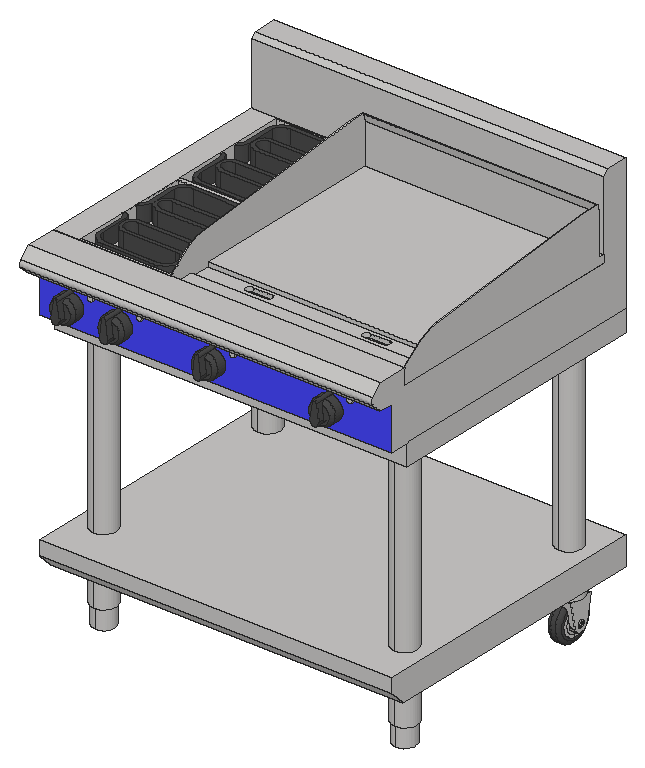
Revit family "QF_MOFFAT_BLUESEAL_CE_E516B-LS", category Specialty Equipment, Revit 2012
Parameters
  Width = 900 mm
  Weight in Pounds = 198  # constant formula
  Watts = 11600 W
  Volts = 400 V
  URL Cutsheet = "www.moffat.com"
  URL = "www.moffat.com"
  Type Mark [instance] = ""
  Status [instance] = ""
  Specification by User [instance] = ""
  Specification by Manufacturer = ""
  Show Logo [instance] = no
  Show Casters [instance] = yes
  Serial Number = ""
  Seismic Rating = ""
  SMACNA No = ""
  Revision Code [instance] = ""
  Phase = 3
  Omniclass Number and Title = ""
  Number of Poles = 1
  NAFEM Spec ID Number = ""
  Model = "E516B-LS"
  Min Ckt Ampacity = 0 A
  Max Overcurrent Protection = 0 A
  Masterspec = ""
  Manufacturer = "MOFFAT BLUESEAL"
  Legs [instance] = not(Show Casters)  # no
  Item Number [instance] = ""
  Installed By [instance] = ""
  Identify Quantity as Lot [instance] = yes
  HP = ""
  Furnished By [instance] = ""
  Foodservice Equipment Identifier [instance] = yes
  FL Amps = 20 A
  Electrical Remarks = "20A PER PHASE"
  Elec Conn RI Height = 0 mm
  Elec Conn Connection Height = 0 mm
  Description = "900MM ELECTRIC COOK TOP & GRIDDLE ON LEG STAND"
  Depth = 812 mm
  Cycle = 50 Hz
  Conn Plug = ""
  Conn Conduit = yes
  CSI MasterFormat = ""
  CSI Master Format = ""
  Base Height [instance] = 150 mm
  Apparent Power = if(Phase = 3, Volts * FL Amps * 1.73, Volts * FL Amps)  # 13840 VA
Reference planes
  plane 1 "BACK": y = 0
  plane 2: z = 0
  plane 3 "LEFT": x = 0
  plane 4 "RIGHT": x = 900
  plane 5 "FRONT": y = -812
  plane 6 "TOP": z = 970
  plane 7 "Center Y": x = 450
  plane 8 "Center X": y = -406
  plane 9 "Base Height": z = 150
  plane 10: z = 915
  plane 11: y = -31
  plane 12: x = 770
  plane 13: z = 1085
  plane 14: x = 65.354
  plane 15: y = -625
  plane 16: y = -100
  plane 17: x = 834.646
Forms (mm)
  Extrusion 1, solid, material "QF_Finishes_Stainless Steel"
    sketch origin (0, 0, 0) x (0, 1, 0) y (0, 0, 1)
      loop
        line (-749, 850) -> (-749, 740) -> (0, 740) -> (0, 1085) -> (-57.5, 1085) -> (-70, 1072.5) -> (-70, 875) -> (-705, 875) -> (-705, 915) -> (-783.97, 915) -> (-808.485, 890.485)
        arc (-808.485, 890.485) -> (-811.999, 882) -> (-808.485, 873.515) r 12
        line (-808.485, 873.515) -> (-784.97, 850) -> (-749, 850)
      loop
        line (0, 685) -> (0, 739.5) -> (-699, 739.5) -> (-699, 685) -> (0, 685)
      loop
        line (0, 222.5) -> (-749, 222.5) -> (-749, 186) -> (-713, 150) -> (0, 150) -> (0, 222.5)
    from 0 to 900
  Revolve 2, solid, material "QF_Finishes_Black"
    sketch origin (87.5, 7, 597.89) x (0, 1, 0) y (0, 0, -1)
      loop
        line (-789, -229.5) -> (-766, -229.5) -> (-766, -202) -> (-756, -202) -> (-756, -197) -> (-800, -197) -> (-800, -223.651) -> (-789, -229.5)
      axis (-800, -197) -> (-756, -197)
    angle from 0 to 360
  Extrusion 3, solid, material "QF_Finishes_Black"
    sketch origin (87.5, -759, 794.89) x (0, 0, 1) y (1, 0, 0)
      loop
        arc (32.192, -4.965) -> (37.079, 0.034) -> (32.192, 5.033) r 5
        line (32.192, 5.033) -> (-10.726, 10.453)
        arc (-10.726, 10.453) -> (-22.392, 0.618) -> (-11.893, -10.454) r 10.487
        line (-11.893, -10.454) -> (32.192, -4.965)
    from 0 to -49
  Extrusion 4, solid, material "QF_Finishes_Stainless Steel"
    sketch origin (0, 0, 222.5) x (0, -1, 0) y (1, 0, 0)
      loop
        circle (100, 65) r 31.75
      loop
        circle (625, 65) r 31.75
      loop
        circle (100, 835) r 31.75
      loop
        circle (625, 835) r 31.75
    from 0 to 462.5
  Revolve 5, solid, material "QF_Finishes_Stainless Steel", visible <- "Legs"
    sketch origin (65.5, -166, 0) x (0, 1, 0) y (0, 0, 1)
      loop
        line (34.25, 150) -> (34.25, 50) -> (38.5, 50) -> (38.5, 0) -> (66, 0) -> (66, 150) -> (34.25, 150)
      axis (66, 150) -> (66, 0)
    angle from 0 to 360
  Revolve 6, solid, material "QF_Finishes_Stainless Steel"
    sketch origin (65.5, -735, 0) x (0, 1, 0) y (0, 0, 1)
      loop
        line (78.25, 150) -> (78.25, 50) -> (82.5, 50) -> (82.5, 0) -> (110, 0) -> (110, 150) -> (78.25, 150)
      axis (110, 150) -> (110, 0)
    angle from 0 to 360
  Revolve 7, solid, material "QF_Finishes_Stainless Steel", visible <- "Legs"
    sketch origin (834.646, -166, -0.354) x (0, 1, 0) y (0, 0, -1)
      loop
        line (34.25, -150) -> (66, -150) -> (66, -0.354) -> (38.5, -0.354) -> (38.5, -50) -> (34.25, -50) -> (34.25, -150)
      axis (66, -150) -> (66, -0.354)
    angle from 0 to 360
  Revolve 8, solid, material "QF_Finishes_Stainless Steel"
    sketch origin (834.646, -728, -0.354) x (0, 1, 0) y (0, 0, -1)
      loop
        line (71.25, -150) -> (103, -150) -> (103, -0.354) -> (75.5, -0.354) -> (75.5, -50) -> (71.25, -50) -> (71.25, -150)
      axis (103, -150) -> (103, -0.354)
    angle from 0 to 360
  Extrusion 9, void
    sketch origin (0, -699, 740) x (0, -1, 0) y (1, 0, 0)
      loop
        circle (-668, 770) r 6.35
    from 0 to -62.281
  Revolve 10, solid, material "QF_Finishes_Black"
    sketch origin (450, 7, 597.89) x (0, 1, 0) y (0, 0, -1)
      loop
        line (-789, -229.5) -> (-766, -229.5) -> (-766, -202) -> (-756, -202) -> (-756, -197) -> (-800, -197) -> (-800, -223.651) -> (-789, -229.5)
      axis (-800, -197) -> (-756, -197)
    angle from 0 to 360
  Extrusion 11, solid, material "QF_Finishes_Black"
    sketch origin (450, -759, 794.89) x (0, 0, 1) y (1, 0, 0)
      loop
        arc (32.192, -4.965) -> (37.079, 0.034) -> (32.192, 5.033) r 5
        line (32.192, 5.033) -> (-10.726, 10.453)
        arc (-10.726, 10.453) -> (-22.392, 0.618) -> (-11.893, -10.454) r 10.487
        line (-11.893, -10.454) -> (32.192, -4.965)
    from 0 to -49
  Extrusion 12, solid, material "QF_Finishes_Stainless Steel"
    sketch origin (0, -749, 850) x (0, 0, -1) y (1, 0, 0)
      loop
        circle (25.11, 132.5) r 7.15
      loop
        circle (25.11, 257.5) r 7.15
      loop
        circle (25.11, 495.734) r 7.15
      loop
        circle (25.11, 795.734) r 7.15
    from 0 to 3.2
  Revolve 13, solid, material "QF_Finishes_Stainless Steel", visible <- "Show Casters"
    sketch origin (16.276, -100.755, -12.8) x (1, 0, 0) y (0, 0, 1)
      loop
        line (14.841, 63.604) -> (83.584, 63.604) -> (83.584, 67.109) -> (82.314, 68.379) -> (80.79, 68.379) -> (80.79, 71.826) -> (68.644, 71.826) -> (68.644, 81.79) -> (65.088, 83.843) -> (63.738, 92.179) -> (65.881, 92.179) -> (65.881, 98.529) -> (65.088, 98.529) -> (65.088, 104.879)
        arc (65.088, 104.879) -> (62.298, 111.614) -> (55.563, 114.404) r 9.525
        line (55.563, 114.404) -> (42.863, 114.404)
        arc (42.863, 114.404) -> (36.127, 111.614) -> (33.338, 104.879) r 9.525
        line (33.338, 104.879) -> (33.338, 98.529) -> (32.544, 98.529) -> (32.544, 92.179) -> (34.687, 92.179) -> (33.352, 83.932) -> (29.782, 81.871) -> (29.782, 71.826) -> (17.635, 71.826) -> (17.635, 68.379) -> (16.111, 68.379) -> (14.841, 67.109) -> (14.841, 63.604)
      axis (14.841, 63.604) -> (83.584, 63.604)
    angle from 0 to 360
  Extrusion 14, solid, material "QF_Finishes_Stainless Steel", visible <- "Show Casters"
    sketch origin (72.001, 132.353, -8.783) x (0, 1, 0) y (0, 0, 1)
      loop
        line (-200.603, 118.783) -> (-264.103, 118.783) -> (-251.746, 53.895)
        arc (-251.746, 53.895) -> (-232.353, 38.783) -> (-212.959, 53.895) r 20
        line (-212.959, 53.895) -> (-200.603, 118.783)
    from -35.667 to 22.923
  Revolve 15, solid, material "QF_Finishes_Stainless Steel", visible <- "Show Casters"
    sketch origin (65.5, -204, 0) x (0, 1, 0) y (0, 0, 1)
      loop
        line (68.25, 150) -> (68.25, 110) -> (104, 110) -> (104, 150) -> (68.25, 150)
      axis (104, 150) -> (104, 110)
    angle from 0 to 360
  Revolve 16, solid, material "QF_Finishes_Stainless Steel", visible <- "Legs"
    sketch origin (65.5, -166, 0) x (0, 1, 0) y (0, 0, 1)
      loop
        line (34.25, 150) -> (34.25, 50) -> (38.5, 50) -> (38.5, 0) -> (66, 0) -> (66, 150) -> (34.25, 150)
      axis (66, 150) -> (66, 0)
    angle from 0 to 360
  Revolve 17, solid, material "QF_Finishes_Stainless Steel", visible <- "Show Casters"
    sketch origin (485.423, -100.755, -12.798) x (1, 0, 0) y (0, 0, 1)
      loop
        line (314.841, 63.604) -> (383.584, 63.604) -> (383.584, 67.109) -> (382.314, 68.379) -> (380.79, 68.379) -> (380.79, 71.826) -> (368.644, 71.826) -> (368.644, 81.79) -> (365.088, 83.843) -> (363.738, 92.179) -> (365.881, 92.179) -> (365.881, 98.529) -> (365.088, 98.529) -> (365.088, 104.879)
        arc (365.088, 104.879) -> (362.298, 111.614) -> (355.563, 114.404) r 9.525
        line (355.563, 114.404) -> (342.863, 114.404)
        arc (342.863, 114.404) -> (336.127, 111.614) -> (333.338, 104.879) r 9.525
        line (333.338, 104.879) -> (333.338, 98.529) -> (332.544, 98.529) -> (332.544, 92.179) -> (334.687, 92.179) -> (333.352, 83.932) -> (329.782, 81.871) -> (329.782, 71.826) -> (317.635, 71.826) -> (317.635, 68.379) -> (316.111, 68.379) -> (314.841, 67.109) -> (314.841, 63.604)
      axis (314.841, 63.604) -> (383.584, 63.604)
    angle from 0 to 360
  Extrusion 18, solid, material "QF_Finishes_Stainless Steel", visible <- "Show Casters"
    sketch origin (841.147, 132.353, -9.137) x (0, 1, 0) y (0, 0, 1)
      loop
        line (-200.603, 118.783) -> (-264.103, 118.783) -> (-251.746, 53.895)
        arc (-251.746, 53.895) -> (-232.353, 38.783) -> (-212.959, 53.895) r 20
        line (-212.959, 53.895) -> (-200.603, 118.783)
    from -35.667 to 22.923
  Revolve 19, solid, material "QF_Finishes_Stainless Steel", visible <- "Show Casters"
    sketch origin (834.646, -204, -0.354) x (0, 1, 0) y (0, 0, 1)
      loop
        line (68.25, 150) -> (68.25, 110) -> (104, 110) -> (104, 150) -> (68.25, 150)
      axis (104, 150) -> (104, 110)
    angle from 0 to 360
  Revolve 20, solid, material "QF_Finishes_Black"
    sketch origin (211.766, 7, 597.89) x (0, 1, 0) y (0, 0, -1)
      loop
        line (-789, -229.5) -> (-766, -229.5) -> (-766, -202) -> (-756, -202) -> (-756, -197) -> (-800, -197) -> (-800, -223.651) -> (-789, -229.5)
      axis (-800, -197) -> (-756, -197)
    angle from 0 to 360
  Extrusion 21, solid, material "QF_Finishes_Black"
    sketch origin (211.766, -759, 794.89) x (0, 0, 1) y (1, 0, 0)
      loop
        arc (32.192, -4.965) -> (37.079, 0.034) -> (32.192, 5.033) r 5
        line (32.192, 5.033) -> (-10.726, 10.453)
        arc (-10.726, 10.453) -> (-22.392, 0.618) -> (-11.893, -10.454) r 10.487
        line (-11.893, -10.454) -> (32.192, -4.965)
    from 0 to -49
  Revolve 22, solid, material "QF_Finishes_Black"
    sketch origin (750, 7, 597.89) x (0, 1, 0) y (0, 0, -1)
      loop
        line (-789, -229.5) -> (-766, -229.5) -> (-766, -202) -> (-756, -202) -> (-756, -197) -> (-800, -197) -> (-800, -223.651) -> (-789, -229.5)
      axis (-800, -197) -> (-756, -197)
    angle from 0 to 360
  Extrusion 23, solid, material "QF_Finishes_Black"
    sketch origin (750, -759, 794.89) x (0, 0, 1) y (1, 0, 0)
      loop
        arc (32.192, -4.965) -> (37.079, 0.034) -> (32.192, 5.033) r 5
        line (32.192, 5.033) -> (-10.726, 10.453)
        arc (-10.726, 10.453) -> (-22.392, 0.618) -> (-11.893, -10.454) r 10.487
        line (-11.893, -10.454) -> (32.192, -4.965)
    from 0 to -49
Cuts and joins
  Extrusion 9 cuts Extrusion 1
Lines and regions (mm)
  Split face 1
    outline origin (900, 0, 1085) x (-1, 0, 0) y (0, -1, 0)
      loop
        arc (856, 18.385) -> (864.66, 23.385) -> (864.66, 33.385) r 10
        line (864.66, 33.385) -> (860.619, 40.385)
        arc (860.619, 40.385) -> (856.959, 44.045) -> (851.959, 45.385) r 10
        line (851.959, 45.385) -> (624, 45.385)
        arc (624, 45.385) -> (615.34, 40.385) -> (615.34, 30.385) r 10
        line (615.34, 30.385) -> (619.381, 23.385)
        arc (619.381, 23.385) -> (623.041, 19.725) -> (628.041, 18.385) r 10
        line (628.041, 18.385) -> (856, 18.385)
  Split face 2
    outline origin (900, 0, 1085) x (-1, 0, 0) y (0, -1, 0)
      loop
        arc (276, 18.385) -> (284.66, 23.385) -> (284.66, 33.385) r 10
        line (284.66, 33.385) -> (280.619, 40.385)
        arc (280.619, 40.385) -> (276.959, 44.045) -> (271.959, 45.385) r 10
        line (271.959, 45.385) -> (44, 45.385)
        arc (44, 45.385) -> (35.34, 40.385) -> (35.34, 30.385) r 10
        line (35.34, 30.385) -> (39.381, 23.385)
        arc (39.381, 23.385) -> (43.041, 19.725) -> (48.041, 18.385) r 10
        line (48.041, 18.385) -> (276, 18.385)
  Split face 3
    outline origin (900, 0, 1085) x (-1, 0, 0) y (0, -1, 0)
      loop
        arc (334, 45.385) -> (325.34, 40.385) -> (325.34, 30.385) r 10
        line (325.34, 30.385) -> (329.381, 23.385)
        arc (329.381, 23.385) -> (333.041, 19.725) -> (338.041, 18.385) r 10
        line (338.041, 18.385) -> (566, 18.385)
        arc (566, 18.385) -> (574.66, 23.385) -> (574.66, 33.385) r 10
        line (574.66, 33.385) -> (570.619, 40.385)
        arc (570.619, 40.385) -> (566.959, 44.045) -> (561.959, 45.385) r 10
        line (561.959, 45.385) -> (334, 45.385)
  symbolic lines, style "SpecialityEquipmentHiddenLines", visible <- "Show Casters"
    curve 1: line (78.456, -46.735, 0) -> (105.952, -62.61, 0)
    curve 2: line (27.656, -134.723, 0) -> (78.456, -46.735, 0)
    curve 3: line (55.152, -150.598, 0) -> (27.656, -134.723, 0)
    curve 4: line (105.952, -62.61, 0) -> (55.152, -150.598, 0)
    curve 5: line (848.456, -46.735, 0) -> (875.952, -62.61, 0)
    curve 6: line (797.656, -134.723, 0) -> (848.456, -46.735, 0)
    curve 7: line (825.152, -150.598, 0) -> (797.656, -134.723, 0)
    curve 8: line (875.952, -62.61, 0) -> (825.152, -150.598, 0)
  symbolic lines
    curve 9: line (0, -783.97, 0) -> (900, -783.97, 0)
    curve 10: line (0, 0, 0) -> (0, -811.999, 0)
    curve 11: line (900, -811.999, 0) -> (900, 0, 0)
    curve 12: line (900, -811.999, 0) -> (0, -811.999, 0)
    curve 13: line (0, -70, 0) -> (900, -70, 0)
    curve 14: line (0, -57.5, 0) -> (900, -57.5, 0)
    curve 15: line (900, 0, 0) -> (0, 0, 0)
    curve 16: line (561.959, -18.385, 0) -> (334, -18.385, 0)
    curve 17: arc (334, -18.385, 0) -> (325.34, -23.385, 0) -> (325.34, -33.385, 0) r 10
    curve 18: line (325.34, -33.385, 0) -> (329.381, -40.385, 0)
    curve 19: arc (329.381, -40.385, 0) -> (333.041, -44.045, 0) -> (338.041, -45.385, 0) r 10
    curve 20: line (338.041, -45.385, 0) -> (566, -45.385, 0)
    curve 21: arc (566, -45.385, 0) -> (574.66, -40.385, 0) -> (574.66, -30.385, 0) r 10
    curve 22: line (574.66, -30.385, 0) -> (570.619, -23.385, 0)
    curve 23: arc (570.619, -23.385, 0) -> (566.959, -19.725, 0) -> (561.959, -18.385, 0) r 10
    curve 24: line (851.959, -18.385, 0) -> (624, -18.385, 0)
    curve 25: arc (624, -18.385, 0) -> (615.34, -23.385, 0) -> (615.34, -33.385, 0) r 10
    curve 26: line (615.34, -33.385, 0) -> (619.381, -40.385, 0)
    curve 27: arc (619.381, -40.385, 0) -> (623.041, -44.045, 0) -> (628.041, -45.385, 0) r 10
    curve 28: line (628.041, -45.385, 0) -> (856, -45.385, 0)
    curve 29: arc (856, -45.385, 0) -> (864.66, -40.385, 0) -> (864.66, -30.385, 0) r 10
    curve 30: line (864.66, -30.385, 0) -> (860.619, -23.385, 0)
    curve 31: arc (860.619, -23.385, 0) -> (856.959, -19.725, 0) -> (851.959, -18.385, 0) r 10
    curve 32: line (271.959, -18.385, 0) -> (44, -18.385, 0)
    curve 33: arc (44, -18.385, 0) -> (35.34, -23.385, 0) -> (35.34, -33.385, 0) r 10
    curve 34: line (35.34, -33.385, 0) -> (39.381, -40.385, 0)
    curve 35: arc (39.381, -40.385, 0) -> (43.041, -44.045, 0) -> (48.041, -45.385, 0) r 10
    curve 36: line (48.041, -45.385, 0) -> (276, -45.385, 0)
    curve 37: arc (276, -45.385, 0) -> (284.66, -40.385, 0) -> (284.66, -30.385, 0) r 10
    curve 38: line (284.66, -30.385, 0) -> (280.619, -23.385, 0)
    curve 39: arc (280.619, -23.385, 0) -> (276.959, -19.725, 0) -> (271.959, -18.385, 0) r 10
    curve 40: line (0, -705, 0) -> (900, -705, 0)
Dimensions and locks
  equal spacing: plane 3 "LEFT", plane 7 "Center Y", plane 4 "RIGHT"
  "Width": plane 3 "LEFT" to plane 4 "RIGHT"
  equal spacing: plane 5 "FRONT", plane 8 "Center X", plane 1 "BACK"
  "Depth": plane 5 "FRONT" to plane 1 "BACK"
  equal spacing: plane 4 "RIGHT", plane 7 "Center Y", plane 3 "LEFT"
  plane 4 "RIGHT" to plane 3 "LEFT" = 900 mm
  plane 5 "FRONT" to plane 1 "BACK" = 812 mm
  "Base Height": plane 9 "Base Height" to level
  plane 6 "TOP" to level = 970 mm
  plane 10 to level = 915 mm
  plane 11 to plane 1 "BACK" = 31 mm
  plane 12 to plane 4 "RIGHT" = 130 mm
  plane 13 to plane 2 = 1085 mm
  Revolve 13 sketch curve to Revolve 13 sketch curve = 50.8 mm
  Revolve 17 sketch curve to Revolve 17 sketch curve = 50.8 mm
  plane 2 to cut or joined group of Extrusion 1, Extrusion 9 = 740 mm
  Extrusion 9 sketch curve to plane 1 "BACK" = 31 mm
  plane 16 to plane 15 = 525 mm
  aligned and locked: level to plane 2
  aligned and locked: Extrusion 4 to cut or joined group of Extrusion 1, Extrusion 9
  aligned and locked: cut or joined group of Extrusion 1, Extrusion 9 to plane 4 "RIGHT"
Automatic sketch dimensions
  plane 1 "BACK" to curve 15 = 0 mm
  curve 15 to plane 3 "LEFT" = 0 mm
  curve 9 to plane 4 "RIGHT" = 0 mm
  plane 3 "LEFT" to curve 2 = 27.656 mm
  plane 14 to curve 3 = 10.202 mm
  curve 2 to plane 14 = 13.102 mm
  plane 12 to curve 6 = 27.656 mm
  curve 8 to plane 17 = 9.494 mm
  plane 17 to curve 5 = 13.809 mm
  curve 5 to plane 11 = 15.735 mm
  curve 2 to plane 11 = 15.735 mm
  curve 14 to plane 11 = 26.5 mm
  curve 8 to curve 14 = 5.11 mm
  curve 4 to curve 1 = 15.875 mm
  curve 13 to curve 14 = 12.5 mm
  curve 9 to plane 5 "FRONT" = 28.03 mm
  curve 12 to plane 5 "FRONT" = 0.001 mm
  plane 10 to Extrusion 1 sketch curve = 0 mm
  Extrusion 1 sketch curve to plane 9 "Base Height" = 0 mm
  plane 13 to Extrusion 1 sketch curve = 0 mm
  Extrusion 1 sketch curve to plane 1 "BACK" = 0 mm  (x3)
  Extrusion 1 sketch curve to plane 11 = 26.5 mm
  plane 13 to Extrusion 1 sketch curve = 12.5 mm
  Extrusion 1 sketch curve to Extrusion 1 sketch curve = 12.5 mm
  plane 15 to Extrusion 1 sketch curve = 74 mm
  plane 15 to Extrusion 1 sketch curve = 80 mm
  plane 15 to Extrusion 1 sketch curve = 88 mm
  Extrusion 1 sketch curve to Extrusion 1 sketch curve = 44 mm
  Extrusion 1 sketch curve to Extrusion 1 sketch curve = 36 mm
  Extrusion 1 sketch curve to plane 5 "FRONT" = 28.03 mm
  Extrusion 1 sketch curve to plane 5 "FRONT" = 27.03 mm
  Extrusion 1 sketch curve to plane 5 "FRONT" = 12.001 mm
  Extrusion 1 sketch curve to plane 5 "FRONT" = 3.515 mm  (x2)
  plane 9 "Base Height" to Extrusion 1 sketch curve = 36 mm
  plane 9 "Base Height" to Extrusion 1 sketch curve = 72.5 mm
  plane 10 to Extrusion 1 sketch curve = 230 mm
  Extrusion 1 sketch curve to Extrusion 1 sketch curve = 54.5 mm
  Extrusion 1 sketch curve to Extrusion 1 sketch curve = 0.5 mm
  plane 10 to Extrusion 1 sketch curve = 65 mm
  Extrusion 1 sketch curve to Extrusion 1 sketch curve = 23.515 mm
  plane 10 to Extrusion 1 sketch curve = 40 mm
  Extrusion 1 sketch curve to Extrusion 1 sketch curve = 8.485 mm
  Revolve 2 sketch curve to plane 5 "FRONT" = 19 mm
  Revolve 2 sketch curve to Revolve 2 sketch curve = 0 mm  (x2)
  Revolve 2 sketch curve to Revolve 2 sketch curve = 11 mm
  Revolve 2 sketch curve to Revolve 2 sketch curve = 12.7 mm
  Revolve 2 sketch curve to Revolve 2 sketch curve = 23 mm
  Revolve 2 sketch curve to Revolve 2 sketch curve = 10 mm
  plane 10 to Revolve 2 sketch curve = 87.61 mm
  Revolve 2 sketch curve to Revolve 2 sketch curve = 5.849 mm
  Revolve 2 sketch curve to Revolve 2 sketch curve = 27.5 mm
  Revolve 2 sketch curve to Revolve 2 sketch curve = 5 mm
  Extrusion 3 sketch curve to Revolve 2 = 0.034 mm  (x2)
  Revolve 2 to Extrusion 3 sketch curve = 10.454 mm
  Extrusion 3 sketch curve to Extrusion 3 sketch curve = 0.028 mm
  Extrusion 3 sketch curve to Revolve 2 = 10.453 mm
  Extrusion 3 sketch curve to Extrusion 3 sketch curve = 44 mm
  Extrusion 3 sketch curve to Revolve 2 = 5.033 mm
  Extrusion 3 sketch curve to Extrusion 3 sketch curve = 0.113 mm
  Revolve 2 to Extrusion 3 sketch curve = 4.965 mm
  Extrusion 4 sketch curve to Extrusion 4 sketch curve = 0 mm  (x8)
  Extrusion 1 to Extrusion 4 sketch curve = 68.25 mm  (x2)
  Extrusion 4 sketch curve to Extrusion 4 sketch curve = 31.75 mm  (x4)
  Extrusion 4 sketch curve to Extrusion 1 = 155.75 mm  (x2)
  Extrusion 1 to Extrusion 4 sketch curve = 65 mm  (x4)
  Revolve 5 sketch curve to plane 9 "Base Height" = 0 mm
  Revolve 5 sketch curve to level = 0 mm
  Revolve 5 sketch curve to plane 16 = 0 mm  (x2)
  plane 16 to Revolve 5 sketch curve = 27.5 mm
  plane 16 to Revolve 5 sketch curve = 31.75 mm
  Revolve 5 sketch curve to Revolve 5 sketch curve = 55 mm
  level to Revolve 5 sketch curve = 50 mm
  Revolve 5 sketch curve to Revolve 5 sketch curve = 0 mm
  Revolve 6 sketch curve to plane 9 "Base Height" = 0 mm
  Revolve 6 sketch curve to level = 0 mm
  Revolve 6 sketch curve to plane 15 = 0 mm  (x2)
  Revolve 6 sketch curve to Revolve 6 sketch curve = 27.5 mm
  Revolve 6 sketch curve to Revolve 6 sketch curve = 31.75 mm
  Revolve 6 sketch curve to Revolve 6 sketch curve = 55 mm
  level to Revolve 6 sketch curve = 50 mm
  Revolve 6 sketch curve to Revolve 6 sketch curve = 0 mm
  Revolve 7 sketch curve to level = 0 mm
  Revolve 7 sketch curve to plane 16 = 0 mm  (x2)
  plane 16 to Revolve 7 sketch curve = 27.5 mm
  Revolve 7 sketch curve to plane 9 "Base Height" = 0.354 mm
  plane 16 to Revolve 7 sketch curve = 31.75 mm
  level to Revolve 7 sketch curve = 49.646 mm
  Revolve 7 sketch curve to Revolve 7 sketch curve = 0 mm
  Revolve 7 sketch curve to level = 55.354 mm
  Revolve 8 sketch curve to level = 0 mm
  Revolve 8 sketch curve to plane 15 = 0 mm  (x2)
  Revolve 8 sketch curve to Revolve 8 sketch curve = 27.5 mm
  Revolve 8 sketch curve to plane 9 "Base Height" = 0.354 mm
  plane 15 to Revolve 8 sketch curve = 31.75 mm
  level to Revolve 8 sketch curve = 49.646 mm
  Revolve 8 sketch curve to Revolve 8 sketch curve = 0 mm
  Revolve 8 sketch curve to Revolve 8 sketch curve = 55.354 mm
  Extrusion 9 sketch curve to Extrusion 1 = 130 mm
  Revolve 10 sketch curve to plane 5 "FRONT" = 19 mm
  Revolve 10 sketch curve to Revolve 10 sketch curve = 0 mm  (x2)
  Revolve 10 sketch curve to Revolve 10 sketch curve = 11 mm
  Revolve 10 sketch curve to Revolve 10 sketch curve = 12.7 mm
  Revolve 10 sketch curve to Revolve 10 sketch curve = 23 mm
  Revolve 10 sketch curve to Revolve 10 sketch curve = 10 mm
  plane 10 to Revolve 10 sketch curve = 87.61 mm
  Revolve 10 sketch curve to Revolve 10 sketch curve = 5.849 mm
  Revolve 10 sketch curve to Revolve 10 sketch curve = 27.5 mm
  Revolve 10 sketch curve to Revolve 10 sketch curve = 5 mm
  Extrusion 11 sketch curve to Revolve 10 = 0.034 mm  (x2)
  Revolve 10 to Extrusion 11 sketch curve = 10.454 mm
  Extrusion 11 sketch curve to Extrusion 11 sketch curve = 0.028 mm
  Extrusion 11 sketch curve to Revolve 10 = 10.453 mm
  Extrusion 11 sketch curve to Extrusion 11 sketch curve = 44 mm
  Extrusion 11 sketch curve to Revolve 10 = 5.033 mm
  Extrusion 11 sketch curve to Extrusion 11 sketch curve = 0.113 mm
  Revolve 10 to Extrusion 11 sketch curve = 4.965 mm
  Split face 1 sketch curve to cut or joined group of Extrusion 1, Extrusion 9 = 27.115 mm
  Split face 1 sketch curve to cut or joined group of Extrusion 1, Extrusion 9 = 284.66 mm
  Split face 1 sketch curve to Split face 1 sketch curve = 4.041 mm  (x4)
  Split face 1 sketch curve to Split face 1 sketch curve = 8.66 mm  (x2)
  Split face 1 sketch curve to cut or joined group of Extrusion 1, Extrusion 9 = 12.115 mm
  Split face 1 sketch curve to cut or joined group of Extrusion 1, Extrusion 9 = 48.041 mm
  Split face 1 sketch curve to Split face 1 sketch curve = 7 mm  (x3)
  Split face 1 sketch curve to Split face 1 sketch curve = 17 mm
  Split face 2 sketch curve to cut or joined group of Extrusion 1, Extrusion 9 = 35.34 mm
  Split face 2 sketch curve to Split face 2 sketch curve = 4.041 mm  (x4)
  Split face 2 sketch curve to Split face 2 sketch curve = 8.66 mm  (x2)
  Split face 2 sketch curve to cut or joined group of Extrusion 1, Extrusion 9 = 12.115 mm
  Split face 2 sketch curve to Split face 2 sketch curve = 223.917 mm
  Split face 2 sketch curve to Split face 2 sketch curve = 5 mm
  Split face 2 sketch curve to Split face 2 sketch curve = 10 mm
  Split face 2 sketch curve to Split face 2 sketch curve = 7 mm  (x3)
  plane 3 "LEFT" to Revolve 13 sketch curve = 31.118 mm
  Revolve 13 sketch curve to Revolve 13 sketch curve = 1.27 mm  (x4)
  Revolve 13 sketch curve to Revolve 13 sketch curve = 1.524 mm  (x2)
  Revolve 13 sketch curve to Revolve 13 sketch curve = 12.146 mm  (x2)
  plane 14 to Revolve 13 sketch curve = 16.533 mm
  Revolve 13 sketch curve to Revolve 13 sketch curve = 0.794 mm  (x2)
  Revolve 13 sketch curve to Revolve 13 sketch curve = 3.57 mm
  Revolve 13 sketch curve to Revolve 13 sketch curve = 2.143 mm
  plane 14 to Revolve 13 sketch curve = 6.215 mm
  Revolve 13 sketch curve to plane 14 = 5.276 mm
  Revolve 13 sketch curve to plane 14 = 6.485 mm
  Revolve 13 sketch curve to plane 14 = 14.661 mm
  Revolve 13 sketch curve to Revolve 13 sketch curve = 1.349 mm  (x2)
  Revolve 13 sketch curve to Revolve 13 sketch curve = 3.556 mm
  Revolve 13 sketch curve to Revolve 13 sketch curve = 33.32 mm
  level to Revolve 13 sketch curve = 50.804 mm
  Revolve 13 sketch curve to Revolve 13 sketch curve = 0 mm
  Revolve 13 sketch curve to Revolve 13 sketch curve = 3.505 mm  (x2)
  Revolve 13 sketch curve to Revolve 13 sketch curve = 3.447 mm  (x2)
  Revolve 13 sketch curve to Revolve 13 sketch curve = 9.964 mm
  Revolve 13 sketch curve to Revolve 13 sketch curve = 10.045 mm
  Revolve 13 sketch curve to Revolve 13 sketch curve = 2.053 mm
  Revolve 13 sketch curve to Revolve 13 sketch curve = 2.061 mm
  Revolve 13 sketch curve to Revolve 13 sketch curve = 8.247 mm
  Revolve 13 sketch curve to Revolve 13 sketch curve = 8.336 mm
  Revolve 13 sketch curve to Revolve 13 sketch curve = 6.35 mm  (x2)
  Extrusion 14 sketch curve to plane 16 = 0 mm
  plane 16 to Extrusion 14 sketch curve = 19.393 mm
  plane 16 to Extrusion 14 sketch curve = 31.75 mm
  Extrusion 14 sketch curve to plane 16 = 19.393 mm
  Extrusion 14 sketch curve to plane 16 = 31.75 mm
  level to Extrusion 14 sketch curve = 45.111 mm
  Extrusion 14 sketch curve to Extrusion 14 sketch curve = 4.889 mm
  Extrusion 14 sketch curve to plane 9 "Base Height" = 40 mm
  Revolve 15 sketch curve to plane 9 "Base Height" = 0 mm
  Revolve 15 sketch curve to plane 16 = 0 mm  (x2)
  plane 16 to Revolve 15 sketch curve = 35.75 mm
  Revolve 15 sketch curve to Revolve 15 sketch curve = 40 mm
  level to Revolve 15 sketch curve = 50 mm
  Revolve 15 sketch curve to level = 55 mm
  Revolve 16 sketch curve to plane 9 "Base Height" = 0 mm
  Revolve 16 sketch curve to level = 0 mm
  Revolve 16 sketch curve to plane 16 = 0 mm  (x2)
  plane 16 to Revolve 16 sketch curve = 27.5 mm
  plane 16 to Revolve 16 sketch curve = 31.75 mm
  Revolve 16 sketch curve to Revolve 16 sketch curve = 55 mm
  level to Revolve 16 sketch curve = 50 mm
  Revolve 16 sketch curve to Revolve 16 sketch curve = 0 mm
  plane 12 to Revolve 17 sketch curve = 30.264 mm
  Revolve 17 sketch curve to Revolve 17 sketch curve = 1.27 mm  (x4)
  Revolve 17 sketch curve to Revolve 17 sketch curve = 1.524 mm  (x2)
  Revolve 17 sketch curve to Revolve 17 sketch curve = 12.146 mm  (x2)
  Revolve 17 sketch curve to plane 17 = 16.68 mm
  Revolve 17 sketch curve to Revolve 17 sketch curve = 0.794 mm  (x2)
  Revolve 17 sketch curve to Revolve 17 sketch curve = 3.57 mm
  Revolve 17 sketch curve to Revolve 17 sketch curve = 2.143 mm
  Revolve 17 sketch curve to plane 17 = 6.361 mm
  plane 17 to Revolve 17 sketch curve = 5.13 mm
  plane 17 to Revolve 17 sketch curve = 6.339 mm
  plane 17 to Revolve 17 sketch curve = 14.515 mm
  Revolve 17 sketch curve to Revolve 17 sketch curve = 1.349 mm  (x2)
  Revolve 17 sketch curve to Revolve 17 sketch curve = 3.556 mm
  Revolve 17 sketch curve to plane 4 "RIGHT" = 2.327 mm
  level to Revolve 17 sketch curve = 50.806 mm
  Revolve 17 sketch curve to Revolve 17 sketch curve = 0 mm
  Revolve 17 sketch curve to Revolve 17 sketch curve = 3.505 mm  (x2)
  Revolve 17 sketch curve to Revolve 17 sketch curve = 3.447 mm  (x2)
  Revolve 17 sketch curve to Revolve 17 sketch curve = 9.964 mm
  Revolve 17 sketch curve to Revolve 17 sketch curve = 10.045 mm
  Revolve 17 sketch curve to Revolve 17 sketch curve = 2.053 mm
  Revolve 17 sketch curve to Revolve 17 sketch curve = 2.061 mm
  Revolve 17 sketch curve to Revolve 17 sketch curve = 8.247 mm
  Revolve 17 sketch curve to Revolve 17 sketch curve = 8.336 mm
  Revolve 17 sketch curve to Revolve 17 sketch curve = 6.35 mm  (x2)
  Extrusion 18 sketch curve to plane 16 = 0 mm
  plane 16 to Extrusion 18 sketch curve = 19.393 mm
  plane 16 to Extrusion 18 sketch curve = 31.75 mm
  Extrusion 18 sketch curve to plane 16 = 19.393 mm
  Extrusion 18 sketch curve to plane 16 = 31.75 mm
  level to Extrusion 18 sketch curve = 44.758 mm
  Extrusion 18 sketch curve to Extrusion 18 sketch curve = 4.889 mm
  Extrusion 18 sketch curve to plane 9 "Base Height" = 40.354 mm
  Revolve 19 sketch curve to plane 16 = 0 mm  (x2)
  Revolve 19 sketch curve to plane 9 "Base Height" = 0.354 mm
  plane 16 to Revolve 19 sketch curve = 35.75 mm
  Revolve 19 sketch curve to Revolve 19 sketch curve = 40 mm
  level to Revolve 19 sketch curve = 49.646 mm
  Revolve 19 sketch curve to level = 55.354 mm
  Split face 3 sketch curve to cut or joined group of Extrusion 1, Extrusion 9 = 27.115 mm
  Split face 3 sketch curve to cut or joined group of Extrusion 1, Extrusion 9 = 325.34 mm
  Split face 3 sketch curve to cut or joined group of Extrusion 1, Extrusion 9 = 23.385 mm
  Split face 3 sketch curve to Split face 3 sketch curve = 4.041 mm  (x4)
  Split face 3 sketch curve to Split face 3 sketch curve = 8.66 mm  (x2)
  Split face 3 sketch curve to cut or joined group of Extrusion 1, Extrusion 9 = 22.115 mm
  Split face 3 sketch curve to Split face 3 sketch curve = 223.917 mm
  Split face 3 sketch curve to cut or joined group of Extrusion 1, Extrusion 9 = 17.115 mm
  Split face 3 sketch curve to Split face 3 sketch curve = 17 mm
  Split face 3 sketch curve to Split face 3 sketch curve = 7 mm
  Revolve 20 sketch curve to plane 5 "FRONT" = 19 mm
  Revolve 20 sketch curve to Revolve 20 sketch curve = 0 mm  (x2)
  Revolve 20 sketch curve to Revolve 20 sketch curve = 11 mm
  Revolve 20 sketch curve to Revolve 20 sketch curve = 12.7 mm
  Revolve 20 sketch curve to Revolve 20 sketch curve = 23 mm
  Revolve 20 sketch curve to Revolve 20 sketch curve = 10 mm
  plane 10 to Revolve 20 sketch curve = 87.61 mm
  Revolve 20 sketch curve to Revolve 20 sketch curve = 5.849 mm
  Revolve 20 sketch curve to Revolve 20 sketch curve = 27.5 mm
  Revolve 20 sketch curve to Revolve 20 sketch curve = 5 mm
  Extrusion 21 sketch curve to Revolve 20 = 0.034 mm  (x2)
  Revolve 20 to Extrusion 21 sketch curve = 10.454 mm
  Extrusion 21 sketch curve to Extrusion 21 sketch curve = 0.028 mm
  Extrusion 21 sketch curve to Revolve 20 = 10.453 mm
  Extrusion 21 sketch curve to Extrusion 21 sketch curve = 44 mm
  Extrusion 21 sketch curve to Revolve 20 = 5.033 mm
  Extrusion 21 sketch curve to Extrusion 21 sketch curve = 0.113 mm
  Revolve 20 to Extrusion 21 sketch curve = 4.965 mm
  Revolve 22 sketch curve to plane 5 "FRONT" = 19 mm
  Revolve 22 sketch curve to Revolve 22 sketch curve = 0 mm  (x2)
  Revolve 22 sketch curve to Revolve 22 sketch curve = 11 mm
  Revolve 22 sketch curve to Revolve 22 sketch curve = 12.7 mm
  Revolve 22 sketch curve to Revolve 22 sketch curve = 23 mm
  Revolve 22 sketch curve to Revolve 22 sketch curve = 10 mm
  plane 10 to Revolve 22 sketch curve = 87.61 mm
  Revolve 22 sketch curve to Revolve 22 sketch curve = 5.849 mm
  Revolve 22 sketch curve to Revolve 22 sketch curve = 27.5 mm
  Revolve 22 sketch curve to Revolve 22 sketch curve = 5 mm
  Extrusion 23 sketch curve to Revolve 22 = 0.034 mm  (x2)
  Revolve 22 to Extrusion 23 sketch curve = 10.454 mm
  Extrusion 23 sketch curve to Extrusion 23 sketch curve = 0.028 mm
  Extrusion 23 sketch curve to Revolve 22 = 10.453 mm
  Extrusion 23 sketch curve to Extrusion 23 sketch curve = 44 mm
  Extrusion 23 sketch curve to Revolve 22 = 5.033 mm
  Extrusion 23 sketch curve to Extrusion 23 sketch curve = 0.113 mm
  Revolve 22 to Extrusion 23 sketch curve = 4.965 mm
  curve 17 to plane 11 = 2.385 mm
  curve 17 to plane 7 "Center Y" = 124.66 mm
  curve 18 to curve 19 = 4.041 mm
  curve 17 to curve 17 = 8.66 mm
  curve 19 to curve 20 = 8.66 mm
  plane 11 to curve 16 = 12.615 mm
  plane 7 "Center Y" to curve 16 = 111.959 mm
  curve 23 to curve 21 = 4.041 mm  (x2)
  plane 11 to curve 22 = 7.615 mm
  curve 16 to curve 22 = 8.66 mm
  plane 11 to curve 21 = 0.615 mm
  curve 21 to plane 11 = 14.385 mm
  curve 19 to curve 18 = 7 mm
  curve 26 to plane 11 = 2.385 mm
  curve 22 to curve 26 = 40.679 mm
  curve 26 to plane 11 = 9.385 mm
  curve 26 to curve 26 = 4.041 mm
  plane 11 to curve 25 = 2.615 mm
  curve 25 to curve 25 = 8.66 mm
  curve 26 to curve 28 = 8.66 mm
  plane 11 to curve 31 = 2.615 mm
  plane 17 to curve 31 = 17.312 mm
  curve 5 to curve 29 = 7.544 mm
  plane 11 to curve 30 = 7.615 mm
  plane 11 to curve 29 = 0.615 mm
  curve 31 to curve 29 = 4.041 mm
  curve 5 to curve 29 = 1.35 mm
  curve 33 to plane 11 = 2.385 mm
  plane 14 to curve 33 = 30.014 mm
  curve 34 to plane 11 = 9.385 mm
  curve 34 to curve 34 = 4.041 mm
  curve 33 to curve 32 = 8.66 mm
  curve 34 to curve 36 = 8.66 mm
  plane 11 to curve 39 = 12.615 mm
  curve 39 to curve 18 = 53.381 mm
  curve 37 to plane 11 = 4.385 mm
  curve 39 to curve 37 = 4.041 mm
  plane 11 to curve 38 = 7.615 mm
  curve 39 to curve 38 = 8.66 mm
  plane 11 to curve 38 = 0.615 mm
  curve 38 to curve 38 = 4.041 mm
  curve 9 to curve 40 = 78.97 mm
  Extrusion 12 sketch curve to Extrusion 1 = 25.11 mm  (x4)
  Extrusion 1 to Extrusion 12 sketch curve = 132.5 mm
  Extrusion 12 sketch curve to Extrusion 12 sketch curve = 125 mm
  Extrusion 12 sketch curve to Extrusion 12 sketch curve = 238.234 mm
  Extrusion 1 to Extrusion 12 sketch curve = 104.266 mm
  radius of Extrusion 9 sketch curve = 6.35 mm
  radius of Extrusion 12 sketch curve = 7.15 mm  (x4)
Nested families
  nested 1: "WALDORF LOGO_FACE BASE" at (32, -70, 1057.475) x (1, 0, 0) z (0, -1, 0), visible <- "Show Logo", type "WALDORF LOGO_FACE BASE", detail levels medium+fine
    with Show Logo yes
  nested 2: "ELECTRIC BURNER & GRIDDLE 900" at (0, -70, 875), type "ELECTRIC BURNER & GRIDDLE 900"
    with Width 900 mm, Type Mark "", Status "", Specification by User "", Revision Code "", Item Number "", Installed By "", Identify Quantity as Lot yes, Furnished By "", Foodservice Equipment Identifier yes, Depth 635 mm
Connectors
  electrical at (770, -31, 740), driven by "Volts", driven by "Watts"
    settings: on Extrusion 9, index 1, voltage 400 V, apparent load 11600 VA, apparent load phase1 0 VA, apparent load phase2 0 VA, apparent load phase3 0 VA, power factor 1, load classification "Other", number of poles 1, system type 30, power factor state 1, is connector primary yes, connector utility no, sub classification motor no, connector description "ELECTRICAL CONNECTION"
Definition of nested family "WALDORF LOGO_FACE BASE"
  Parameters (values of type "WALDORF LOGO_FACE BASE")
    Show Logo [instance] = yes
    Default Elevation = 1219.2 mm
  Reference planes
    plane 1 "Center (Front/Back)": y = 0
    plane 2: z = 0
    plane 3 "Center (Left/Right)": x = 0
  Forms (mm)
    Extrusion 1, solid
      sketch origin (0, 0, 0) x (1, 0, 0) y (0, 1, 0)
        loop
          line (-1219.2, 1219.2) -> (-1219.2, -1219.2) -> (1219.2, -1219.2) -> (1219.2, 1219.2) -> (-1219.2, 1219.2)
      from 0 to -304.8
    Extrusion 2, solid, material "QF_Finishes_Blue", visible <- "Show Logo"
      sketch origin (0, -33.217, 0) x (1, 0, 0) y (0, 1, 0)
        loop
          arc (138, 31.942) -> (137.626, 32.844) -> (136.724, 33.217) r 1.276
          line (136.724, 33.217) -> (1.29, 33.217)
          arc (1.29, 33.217) -> (0.378, 32.839) -> (0, 31.927) r 1.29
          line (0, 31.927) -> (0, 11.507)
          arc (0, 11.507) -> (0.378, 10.595) -> (1.29, 10.217) r 1.29
          line (1.29, 10.217) -> (136.71, 10.217)
          arc (136.71, 10.217) -> (137.622, 10.595) -> (138, 11.507) r 1.29
          line (138, 11.507) -> (138, 31.942)
      from 0 to 1.588
    Extrusion 3, solid, material "QF_Finishes_White", visible <- "Show Logo"
      sketch origin (0, -33.217, 1.588) x (1, 0, 0) y (0, 1, 0)
        loop
          arc (108.946, 25.919) -> (107.613, 25.367) -> (107.061, 24.034) r 1.885
          line (107.061, 24.034) -> (107.061, 17.211) -> (112.704, 17.211) -> (112.704, 19.129) -> (115.546, 19.129) -> (115.546, 17.211) -> (121.584, 17.211) -> (121.584, 24.075)
          arc (121.584, 24.075) -> (121.043, 25.379) -> (119.739, 25.919) r 1.845
          line (119.739, 25.919) -> (108.946, 25.919)
        loop
          line (123.478, 25.919) -> (123.478, 17.163) -> (134.904, 17.163) -> (134.904, 19.129) -> (129.246, 19.129) -> (129.246, 25.919) -> (123.478, 25.919)
        loop
          line (112.704, 21.258) -> (115.546, 21.258) -> (115.546, 22.702)
          arc (115.546, 22.702) -> (115.344, 23.188) -> (114.858, 23.389) r 0.687
          line (114.858, 23.389) -> (113.363, 23.389)
          arc (113.363, 23.389) -> (112.897, 23.196) -> (112.704, 22.73) r 0.658
          line (112.704, 22.73) -> (112.704, 21.258)
        loop
          line (105.071, 25.919) -> (93.771, 25.919) -> (93.771, 17.163) -> (105.071, 17.163) -> (105.071, 19.063) -> (99.535, 19.063) -> (99.535, 20.437) -> (105.071, 20.437) -> (105.071, 22.278) -> (99.535, 22.278) -> (99.535, 23.587) -> (105.071, 23.587) -> (105.071, 25.919)
        loop
          line (91.104, 25.919) -> (79.541, 25.919)
          arc (79.541, 25.919) -> (78.558, 25.513) -> (78.152, 24.53) r 1.389
          line (78.152, 24.53) -> (78.152, 22.08)
          arc (78.152, 22.08) -> (78.558, 21.098) -> (79.541, 20.691) r 1.389
          line (79.541, 20.691) -> (86.346, 20.691) -> (86.346, 18.864) -> (83.266, 18.864) -> (83.266, 19.664) -> (78.152, 19.664) -> (78.152, 18.553)
          arc (78.152, 18.553) -> (78.558, 17.57) -> (79.541, 17.163) r 1.389
          line (79.541, 17.163) -> (91.063, 17.163)
          arc (91.063, 17.163) -> (92.045, 17.57) -> (92.452, 18.553) r 1.389
          line (92.452, 18.553) -> (92.452, 20.691)
          arc (92.452, 20.691) -> (92.045, 21.673) -> (91.063, 22.08) r 1.389
          line (91.063, 22.08) -> (83.266, 22.08) -> (83.266, 23.984) -> (86.346, 23.984) -> (86.346, 22.743) -> (92.452, 22.743) -> (92.452, 24.571)
          arc (92.452, 24.571) -> (92.057, 25.524) -> (91.104, 25.919) r 1.348
        loop
          line (70.705, 25.919) -> (59.405, 25.919) -> (59.405, 17.163) -> (70.705, 17.163) -> (70.705, 19.063) -> (65.169, 19.063) -> (65.169, 20.437) -> (70.705, 20.437) -> (70.705, 22.278) -> (65.169, 22.278) -> (65.169, 23.587) -> (70.705, 23.587) -> (70.705, 25.919)
        loop
          line (57.598, 25.919) -> (51.7, 25.919) -> (51.7, 20.18)
          arc (51.7, 20.18) -> (50.63, 19.11) -> (49.56, 20.18) r 1.07
          line (49.56, 20.18) -> (49.56, 25.919) -> (43.663, 25.919) -> (43.663, 19.049)
          arc (43.663, 19.049) -> (44.215, 17.716) -> (45.548, 17.163) r 1.885
          line (45.548, 17.163) -> (55.71, 17.163)
          arc (55.71, 17.163) -> (57.045, 17.716) -> (57.598, 19.051) r 1.887
          line (57.598, 19.051) -> (57.598, 25.919)
        loop
          line (31.62, 25.919) -> (31.62, 17.163) -> (43.046, 17.163) -> (43.046, 19.129) -> (37.388, 19.129) -> (37.388, 25.919) -> (31.62, 25.919)
        loop
          line (15.969, 25.919) -> (15.969, 17.163) -> (28.693, 17.163)
          arc (28.693, 17.163) -> (29.812, 17.627) -> (30.276, 18.746) r 1.582
          line (30.276, 18.746) -> (30.276, 20.447) -> (29.48, 21.243) -> (30.276, 22.039) -> (30.276, 24.332)
          arc (30.276, 24.332) -> (29.811, 25.454) -> (28.688, 25.919) r 1.587
          line (28.688, 25.919) -> (15.969, 25.919)
        loop
          line (21.449, 24.159) -> (21.449, 22.436) -> (23.862, 22.436)
          arc (23.862, 22.436) -> (24.723, 23.298) -> (23.862, 24.159) r 0.861
          line (23.862, 24.159) -> (21.449, 24.159)
        loop
          line (21.449, 20.244) -> (21.449, 18.522) -> (23.862, 18.522)
          arc (23.862, 18.522) -> (24.723, 19.383) -> (23.862, 20.244) r 0.861
          line (23.862, 20.244) -> (21.449, 20.244)
      from 0 to 0.2
    Extrusion 4, solid, material "QF_Finishes_Blue", visible <- "Show Logo"
      sketch origin (-126.498, -31.09, 1.588) x (1, 0, 0) y (0, 1, 0)
        loop
          line (136.738, 23.522) -> (136.738, 15.1)
          arc (136.738, 15.1) -> (140.756, 19.311) -> (136.738, 23.522) r 4.216
      from 0 to 0.2
    Extrusion 5, solid, material "QF_Finishes_Red", visible <- "Show Logo"
      sketch origin (146.849, -31.09, 1.588) x (-1, 0, 0) y (0, -1, 0)
        loop
          arc (136.738, -23.522) -> (140.756, -19.311) -> (136.738, -15.1) r 4.216
          line (136.738, -15.1) -> (136.738, -23.522)
      from 0 to 0.2
  Lines and regions (mm)
    Split face 1
      outline origin (-90.35, -30.793, 1.588) x (1, 0, 0) y (0, 1, 0)
        loop
          circle (100.54, 19.013) r 4.536
  Dimensions and locks
    aligned and locked: plane 2 to Extrusion 1
    aligned and locked: level to Extrusion 1
Definition of nested family "ELECTRIC BURNER & GRIDDLE 900"
  Parameters (values of type "ELECTRIC BURNER & GRIDDLE 900")
    Width [instance] = 900 mm
    Weight in Pounds = 0
    URL Cutsheet = ""
    Type Mark [instance] = ""
    Status [instance] = ""
    Specification by User [instance] = ""
    Specification by Manufacturer = ""
    Serial Number = ""
    Seismic Rating = ""
    SMACNA No = ""
    Revision Code [instance] = ""
    Omniclass Number and Title = ""
    NAFEM Spec ID Number = ""
    Masterspec = ""
    Item Number [instance] = ""
    Installed By [instance] = ""
    Identify Quantity as Lot [instance] = yes
    Furnished By [instance] = ""
    Foodservice Equipment Identifier [instance] = yes
    Depth [instance] = 635 mm
    CSI MasterFormat = ""
    CSI Master Format = ""
  Reference planes
    plane 1 "BACK": y = 0
    plane 2: z = 0
    plane 3 "LEFT": x = 0
    plane 4 "RIGHT": x = 900
    plane 5 "FRONT": y = -635
    plane 6 "TOP": z = 142.5
    plane 7 "Center Y": x = 450
    plane 8 "Center X": y = -317.5
    plane 9: y = -70
    plane 10: x = 65.8
    plane 11: y = 70
  Forms (mm)
    Extrusion 1, solid, material "QF_Finishes_Stainless Steel"
      sketch origin (0, 1, 0) x (0, -1, 0) y (1, 0, 0)
        loop
          line (1, 0) -> (636, 0) -> (636, 300) -> (1, 300) -> (1, 0)
        loop
          line (631, 65.8) -> (631, 294.362) -> (321.251, 294.362) -> (321.251, 65.8) -> (631, 65.8)
        loop
          line (6, 294.362) -> (6, 65.8) -> (313.651, 65.8) -> (313.651, 294.362) -> (6, 294.362)
      from 0 to 40
    Extrusion 2, solid, material "QF_Finishes_Black"
      sketch origin (0, 15.7, 0) x (0, -1, 0) y (1, 0, 0)
        loop
          arc (156.993, 65.612) -> (148.172, 80.048) -> (132.304, 85.912) r 25.79
          line (132.304, 85.912) -> (61.096, 85.912)
          arc (61.096, 85.912) -> (42.545, 94.459) -> (35.45, 113.612) r 26.722
          line (35.45, 113.612) -> (35.45, 246.212)
          arc (35.45, 246.212) -> (63.15, 273.912) -> (90.85, 246.212) r 27.7
          line (90.85, 246.212) -> (90.85, 113.769)
          arc (90.85, 113.769) -> (118.55, 86.069) -> (146.25, 113.769) r 27.7
          line (146.25, 113.769) -> (146.25, 246.212)
          arc (146.25, 246.212) -> (173.95, 273.912) -> (201.65, 246.212) r 27.7
          line (201.65, 246.212) -> (201.65, 114.237)
          arc (201.65, 114.237) -> (229.35, 86.537) -> (257.05, 114.237) r 27.7
          line (257.05, 114.237) -> (257.05, 246.212)
          arc (257.05, 246.212) -> (284.75, 273.912) -> (312.45, 246.212) r 27.7
          line (312.45, 246.212) -> (312.45, 113.612)
          arc (312.45, 113.612) -> (305.355, 94.459) -> (286.804, 85.912) r 26.722
          line (286.804, 85.912) -> (215.596, 85.912)
          arc (215.596, 85.912) -> (199.705, 80.037) -> (190.819, 65.612) r 25.973
          line (190.819, 65.612) -> (201.232, 65.612)
          arc (201.232, 65.612) -> (206.91, 72.964) -> (215.719, 75.912) r 15.973
          line (215.719, 75.912) -> (286.986, 75.912)
          arc (286.986, 75.912) -> (312.551, 87.513) -> (322.45, 113.784) r 36.722
          line (322.45, 113.784) -> (322.45, 246.212)
          arc (322.45, 246.212) -> (284.75, 283.912) -> (247.05, 246.212) r 37.7
          line (247.05, 246.212) -> (247.05, 113.612)
          arc (247.05, 113.612) -> (229.35, 95.912) -> (211.65, 113.612) r 17.7
          line (211.65, 113.612) -> (211.65, 246.212)
          arc (211.65, 246.212) -> (173.95, 283.912) -> (136.25, 246.212) r 37.7
          line (136.25, 246.212) -> (136.25, 113.612)
          arc (136.25, 113.612) -> (118.55, 95.912) -> (100.85, 113.612) r 17.7
          line (100.85, 113.612) -> (100.85, 246.212)
          arc (100.85, 246.212) -> (63.15, 283.912) -> (25.45, 246.212) r 37.7
          line (25.45, 246.212) -> (25.45, 113.784)
          arc (25.45, 113.784) -> (35.349, 87.513) -> (60.914, 75.912) r 36.722
          line (60.914, 75.912) -> (132.193, 75.912)
          arc (132.193, 75.912) -> (140.976, 72.972) -> (146.6, 65.612) r 15.79
          line (146.6, 65.612) -> (156.993, 65.612)
        loop
          arc (469.581, 65.612) -> (460.695, 80.037) -> (444.804, 85.912) r 25.973
          line (444.804, 85.912) -> (373.596, 85.912)
          arc (373.596, 85.912) -> (355.045, 94.459) -> (347.95, 113.612) r 26.722
          line (347.95, 113.612) -> (347.95, 246.212)
          arc (347.95, 246.212) -> (375.65, 273.912) -> (403.35, 246.212) r 27.7
          line (403.35, 246.212) -> (403.35, 114.862)
          arc (403.35, 114.862) -> (431.05, 87.162) -> (458.75, 114.862) r 27.7
          line (458.75, 114.862) -> (458.75, 246.212)
          arc (458.75, 246.212) -> (486.45, 273.912) -> (514.15, 246.212) r 27.7
          line (514.15, 246.212) -> (514.15, 114.862)
          arc (514.15, 114.862) -> (541.85, 87.162) -> (569.55, 114.862) r 27.7
          line (569.55, 114.862) -> (569.55, 246.212)
          arc (569.55, 246.212) -> (597.25, 273.912) -> (624.95, 246.212) r 27.7
          line (624.95, 246.212) -> (624.95, 113.612)
          arc (624.95, 113.612) -> (617.855, 94.459) -> (599.304, 85.912) r 26.722
          line (599.304, 85.912) -> (528.096, 85.912)
          arc (528.096, 85.912) -> (511.987, 79.848) -> (503.282, 65) r 25.79
          line (503.282, 65) -> (513.588, 65)
          arc (513.588, 65) -> (519.162, 72.781) -> (528.207, 75.912) r 15.79
          line (528.207, 75.912) -> (599.486, 75.912)
          arc (599.486, 75.912) -> (625.051, 87.513) -> (634.95, 113.784) r 36.722
          line (634.95, 113.784) -> (634.95, 246.212)
          arc (634.95, 246.212) -> (597.25, 283.912) -> (559.55, 246.212) r 37.7
          line (559.55, 246.212) -> (559.55, 113.612)
          arc (559.55, 113.612) -> (541.85, 95.912) -> (524.15, 113.612) r 17.7
          line (524.15, 113.612) -> (524.15, 246.212)
          arc (524.15, 246.212) -> (486.45, 283.912) -> (448.75, 246.212) r 37.7
          line (448.75, 246.212) -> (448.75, 113.612)
          arc (448.75, 113.612) -> (431.05, 95.912) -> (413.35, 113.612) r 17.7
          line (413.35, 113.612) -> (413.35, 246.212)
          arc (413.35, 246.212) -> (375.65, 283.912) -> (337.95, 246.212) r 37.7
          line (337.95, 246.212) -> (337.95, 113.784)
          arc (337.95, 113.784) -> (347.849, 87.513) -> (373.414, 75.912) r 36.722
          line (373.414, 75.912) -> (444.681, 75.912)
          arc (444.681, 75.912) -> (453.49, 72.964) -> (459.168, 65.612) r 15.973
          line (459.168, 65.612) -> (469.581, 65.612)
      from 0 to 40
  Lines and regions (mm)
    symbolic lines
      curve 1: line (0, -635, 0) -> (900, -635, 0)
      curve 2: line (834.388, -635, 0) -> (900, -635, 0)
      curve 3: line (0, -635, 0) -> (900, -635, 0)
      curve 4: line (900, -635, 0) -> (900, 0, 0)
      curve 5: line (900, 0, 0) -> (0, 0, 0)
      curve 6: line (0, -635, 0) -> (65.8, -635, 0)
      curve 7: line (65.8, -635, 0) -> (65.8, -320.251, 0)
      curve 8: line (65.8, -320.251, 0) -> (294.362, -320.251, 0)
      curve 9: line (294.362, -634.701, 0) -> (305.638, -634.701, 0)
      curve 10: line (113.612, -19.75, 0) -> (246.212, -19.75, 0)
      curve 11: arc (246.212, -19.75, 0) -> (273.912, -47.45, 0) -> (246.212, -75.15, 0) r 27.7
      curve 12: line (246.212, -75.15, 0) -> (113.769, -75.15, 0)
      curve 13: arc (113.769, -75.15, 0) -> (86.069, -102.85, 0) -> (113.769, -130.55, 0) r 27.7
      curve 14: line (113.769, -130.55, 0) -> (246.212, -130.55, 0)
      curve 15: arc (246.212, -130.55, 0) -> (273.912, -158.25, 0) -> (246.212, -185.95, 0) r 27.7
      curve 16: line (246.212, -185.95, 0) -> (114.237, -185.95, 0)
      curve 17: arc (114.237, -185.95, 0) -> (86.537, -213.65, 0) -> (114.237, -241.35, 0) r 27.7
      curve 18: line (114.237, -241.35, 0) -> (246.212, -241.35, 0)
      curve 19: arc (246.212, -241.35, 0) -> (273.912, -269.05, 0) -> (246.212, -296.75, 0) r 27.7
      curve 20: line (246.212, -296.75, 0) -> (113.612, -296.75, 0)
      curve 21: arc (113.612, -296.75, 0) -> (94.459, -289.655, 0) -> (85.912, -271.104, 0) r 26.722
      curve 22: line (85.912, -271.104, 0) -> (85.912, -199.896, 0)
      curve 23: arc (85.912, -199.896, 0) -> (80.037, -184.005, 0) -> (65.612, -175.119, 0) r 25.973
      curve 24: line (65.612, -175.119, 0) -> (65.612, -185.532, 0)
      curve 25: arc (65.612, -185.532, 0) -> (72.964, -191.21, 0) -> (75.912, -200.019, 0) r 15.973
      curve 26: line (75.912, -200.019, 0) -> (75.912, -271.286, 0)
      curve 27: arc (75.912, -271.286, 0) -> (87.513, -296.851, 0) -> (113.784, -306.75, 0) r 36.722
      curve 28: line (113.784, -306.75, 0) -> (246.212, -306.75, 0)
      curve 29: arc (246.212, -306.75, 0) -> (283.912, -269.05, 0) -> (246.212, -231.35, 0) r 37.7
      curve 30: line (246.212, -231.35, 0) -> (113.612, -231.35, 0)
      curve 31: arc (113.612, -231.35, 0) -> (95.912, -213.65, 0) -> (113.612, -195.95, 0) r 17.7
      curve 32: line (113.612, -195.95, 0) -> (246.212, -195.95, 0)
      curve 33: arc (246.212, -195.95, 0) -> (283.912, -158.25, 0) -> (246.212, -120.55, 0) r 37.7
      curve 34: line (246.212, -120.55, 0) -> (113.612, -120.55, 0)
      curve 35: arc (113.612, -120.55, 0) -> (95.912, -102.85, 0) -> (113.612, -85.15, 0) r 17.7
      curve 36: line (113.612, -85.15, 0) -> (246.212, -85.15, 0)
      curve 37: arc (246.212, -85.15, 0) -> (283.912, -47.45, 0) -> (246.212, -9.75, 0) r 37.7
      curve 38: line (246.212, -9.75, 0) -> (113.784, -9.75, 0)
      curve 39: arc (113.784, -9.75, 0) -> (87.513, -19.649, 0) -> (75.912, -45.214, 0) r 36.722
      curve 40: line (75.912, -45.214, 0) -> (75.912, -116.493, 0)
      curve 41: arc (75.912, -116.493, 0) -> (72.972, -125.276, 0) -> (65.612, -130.9, 0) r 15.79
      curve 42: line (65.612, -130.9, 0) -> (65.612, -141.293, 0)
      curve 43: arc (65.612, -141.293, 0) -> (80.048, -132.472, 0) -> (85.912, -116.604, 0) r 25.79
      curve 44: line (85.912, -116.604, 0) -> (85.912, -45.396, 0)
      curve 45: arc (85.912, -45.396, 0) -> (94.459, -26.845, 0) -> (113.612, -19.75, 0) r 26.722
      curve 46: line (246.212, -387.65, 0) -> (114.862, -387.65, 0)
      curve 47: arc (114.862, -387.65, 0) -> (87.162, -415.35, 0) -> (114.862, -443.05, 0) r 27.7
      curve 48: line (114.862, -443.05, 0) -> (246.212, -443.05, 0)
      curve 49: arc (246.212, -443.05, 0) -> (273.912, -470.75, 0) -> (246.212, -498.45, 0) r 27.7
      curve 50: line (246.212, -498.45, 0) -> (114.862, -498.45, 0)
      curve 51: arc (114.862, -498.45, 0) -> (87.162, -526.15, 0) -> (114.862, -553.85, 0) r 27.7
      curve 52: line (114.862, -553.85, 0) -> (246.212, -553.85, 0)
      curve 53: arc (246.212, -553.85, 0) -> (273.912, -581.55, 0) -> (246.212, -609.25, 0) r 27.7
      curve 54: line (246.212, -609.25, 0) -> (113.612, -609.25, 0)
      curve 55: arc (113.612, -609.25, 0) -> (94.459, -602.155, 0) -> (85.912, -583.604, 0) r 26.722
      curve 56: line (85.912, -583.604, 0) -> (85.912, -512.396, 0)
      curve 57: arc (85.912, -512.396, 0) -> (79.848, -496.287, 0) -> (65, -487.582, 0) r 25.79
      curve 58: line (65, -487.582, 0) -> (65, -497.888, 0)
      curve 59: arc (65, -497.888, 0) -> (72.781, -503.462, 0) -> (75.912, -512.507, 0) r 15.79
      curve 60: line (75.912, -512.507, 0) -> (75.912, -583.786, 0)
      curve 61: arc (75.912, -583.786, 0) -> (87.513, -609.351, 0) -> (113.784, -619.25, 0) r 36.722
      curve 62: line (113.784, -619.25, 0) -> (246.212, -619.25, 0)
      curve 63: arc (246.212, -619.25, 0) -> (283.912, -581.55, 0) -> (246.212, -543.85, 0) r 37.7
      curve 64: line (246.212, -543.85, 0) -> (113.612, -543.85, 0)
      curve 65: arc (113.612, -543.85, 0) -> (95.912, -526.15, 0) -> (113.612, -508.45, 0) r 17.7
      curve 66: line (113.612, -508.45, 0) -> (246.212, -508.45, 0)
      curve 67: arc (246.212, -508.45, 0) -> (283.912, -470.75, 0) -> (246.212, -433.05, 0) r 37.7
      curve 68: line (246.212, -433.05, 0) -> (113.612, -433.05, 0)
      curve 69: arc (113.612, -433.05, 0) -> (95.912, -415.35, 0) -> (113.612, -397.65, 0) r 17.7
      curve 70: line (113.612, -397.65, 0) -> (246.212, -397.65, 0)
      curve 71: arc (246.212, -397.65, 0) -> (283.912, -359.95, 0) -> (246.212, -322.25, 0) r 37.7
      curve 72: line (246.212, -322.25, 0) -> (113.784, -322.25, 0)
      curve 73: arc (113.784, -322.25, 0) -> (87.513, -332.149, 0) -> (75.912, -357.714, 0) r 36.722
      curve 74: line (75.912, -357.714, 0) -> (75.912, -428.981, 0)
      curve 75: arc (75.912, -428.981, 0) -> (72.964, -437.79, 0) -> (65.612, -443.468, 0) r 15.973
      curve 76: line (65.612, -443.468, 0) -> (65.612, -453.881, 0)
      curve 77: arc (65.612, -453.881, 0) -> (80.037, -444.995, 0) -> (85.912, -429.104, 0) r 25.973
      curve 78: line (85.912, -429.104, 0) -> (85.912, -357.896, 0)
      curve 79: arc (85.912, -357.896, 0) -> (94.459, -339.345, 0) -> (113.612, -332.25, 0) r 26.722
      curve 80: line (113.612, -332.25, 0) -> (246.212, -332.25, 0)
      curve 81: arc (246.212, -332.25, 0) -> (273.912, -359.95, 0) -> (246.212, -387.65, 0) r 27.7
      curve 82: line (0, 0, 0) -> (0, -635, 0)
      curve 83: line (65.8, -320.251, 0) -> (294.362, -320.251, 0)
      curve 84: line (294.362, -320.251, 0) -> (294.362, -630, 0)
      curve 85: line (294.362, -630, 0) -> (65.8, -630, 0)
      curve 86: line (65.8, -630, 0) -> (65.8, -320.251, 0)
      curve 87: line (65.8, -312.651, 0) -> (65.8, -5, 0)
      curve 88: line (65.8, -5, 0) -> (294.362, -5, 0)
      curve 89: line (294.362, -5, 0) -> (294.362, -312.651, 0)
      curve 90: line (294.362, -312.651, 0) -> (65.8, -312.651, 0)
  Dimensions and locks
    equal spacing: plane 3 "LEFT", plane 7 "Center Y", plane 4 "RIGHT"
    "Width": plane 3 "LEFT" to plane 4 "RIGHT"
    equal spacing: plane 5 "FRONT", plane 8 "Center X", plane 1 "BACK"
    "Depth": plane 5 "FRONT" to plane 1 "BACK"
    aligned and locked: level to plane 2
